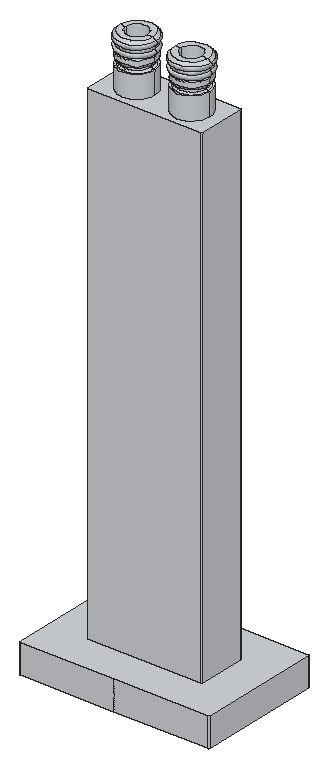
Revit family "Shower-Ceiling_Mount-Showerarm-KOHLER-BEITOU-K-22310T_1", category Plumbing Fixtures, host Face, Revit 2017
Family settings
  Host = Face
  Round Connector Dimension = Use Diameter
  Part Type = Normal
  OmniClass Number = 23.31.17.00
  Cut with Voids When Loaded = No
  Shared = No
  Room Calculation Point = No
Parameters (values of type "CP-Polished Chrome")
  Width = 2 127/128"  # constant formula
  WaterSense Certified = 1 = 0  # no
  Waste Water Outlet = "Waste Water Outlet"  # constant formula
  Waste Connection = 1 = 0  # no
  Vent Connection = 1 = 0  # no
  URL = "http://www.kohler.com.cn/"
  Type = 1
  Tempered Water Inlet = "Tempered Water Inlet"  # constant formula
  Product Page URL = "https://www.kohler.com.cn/product/K-22310T-CP/K-22310T-CP/"
  Product Name = "BEITOU"  # constant formula
  Product Documentation Link = "https://files.kohler.com.cn/pdfs/1567066931603_22310T%20安装说明书.pdf"
  Pressure = 0.00 psi
  Panel Thickness = 0"
  Model = "K-22310T-CP"  # constant formula
  Material = "Premium Metal Construction"  # constant formula
  Master Format 2014 Name = "Residential Showers"  # constant formula
  Master Format 2014 = "22 42 23"  # constant formula
  Manufacturer Address = "Kohler Beijing Office (100016) 36-2-03-B, No. 88, Liuxiang Road, Beijing"  # constant formula
  Manufacturer = "KOHLER Co."  # constant formula
  Length = 1 31/32"  # constant formula
  Hot Water Inlet = "Hot Water Inlet"  # constant formula
  Height = 9 1/64"  # constant formula
  HW Connection = 1 = 1  # yes
  Flow Rate = 0 GPM
  Finish = Kohler-Metal-CP-Polished_Chrome
  Environmental Product Declaration = ""
  Drain Included = 1 = 0  # no
  Description = "Manda ceiling mounted shower arm (multi-function)"  # constant formula
  Default Elevation = 0"
  Declare Label = ""
  Date Modified = "09/23/2020"  # constant formula
  Date Created = "09/23/2020"  # constant formula
  Copyright = "Copyright KOHLER Co."  # constant formula
  Contact Us = "http://www.kohler.com.cn/contact/contact-us/"
  Cold Water Inlet = "Cold Water Inlet"  # constant formula
  CW Connection = 1 = 0  # no
  Assembly Code = "D2010700"
  ADA Compliant = 1 = 0  # no
Reference planes (in)
  plane 1 "Center (Front/Back)": y = 0
  plane 2: z = 0
  plane 3 "Center (Left/Right)": x = 0
  plane 4: y = 0.98425
  plane 5: x = -1.49606
  plane 6: x = 1.49612
  plane 7: y = -0.9845
  plane 8: z = 9.01562
  plane 9: x = -0.43307
  plane 10: x = 0.43307
  plane 11: z = 0.45276
  plane 12: x = -0.90551
  plane 13: z = 8.20866
  plane 14: x = 0.90551
  plane 15: y = 0.3937
  plane 16: y = -0.3937
Dimensions and locks (in)
  "Width": plane 5 to plane 6
  "Height": level to plane 8
  "Length": plane 4 to plane 7
  plane 13 to level = 8.20866"
  aligned and locked: plane 2 to host face
  aligned and locked: level to host face
Automatic sketch dimensions
  host sketch curve to host sketch curve = 96"  (x2)
Nested families (in)
  nested 1: "K-22310T" at (0, 0, 0), type "K-22310T"
Connectors (in)
  piping at (0, 0, 0), diameter 0.5, driven by "HW Connection", driven by "Tempered Water Inlet", driven by "Flow Rate"
    settings: on nested 1, index 1, connector inside diameter 24", connector length 0", flow factor 0, pipe flow 0 GPM, pressure drop 0.00 psi, fitting loss kfactor 0, connector angle 0.00°, fixture units 0, engagement length 0", angle of deflection 0.00°, flow configuration 0, flow direction 1, fitting loss method 0, system type 19, joint type 0, gender type 0, connector reference index -1, connector utility 1, adjustable connector no, is connector primary yes, connector description "Tempered Water Inlet"
Definition of nested family "K-22310T"
  Parameters (values of type "K-22310T")
    Material = none
  Reference planes (in)
    plane 1 "Center (Front/Back)": y = 0
    plane 2: z = 0
    plane 3 "Center (Left/Right)": x = 0
    plane 4: y = 0.98425
    plane 5: x = -1.49606
    plane 6: x = 1.49606
    plane 7: y = -0.98425
    plane 8: z = 9.01575
    plane 9: x = -0.43307
    plane 10: x = 0.43307
  Forms (in)
    Extrusion 1, solid, material <- "Material", detail levels medium+fine
      sketch origin (0, 0, 0) x (1, 0, 0) y (0, 1, 0)
        loop
          line (0, 0.98425) -> (-1.47585, 0.98425)
          arc (-1.47585, 0.98425) -> (-1.49014, 0.97833) -> (-1.49606, 0.96404) r 0.02021
          line (-1.49606, 0.96404) -> (-1.49606, -0.96444)
          arc (-1.49606, -0.96444) -> (-1.49026, -0.97845) -> (-1.47625, -0.98425) r 0.01981
          line (-1.47625, -0.98425) -> (0, -0.98425) -> (1.47625, -0.98425)
          arc (1.47625, -0.98425) -> (1.49026, -0.97845) -> (1.49606, -0.96444) r 0.01981
          line (1.49606, -0.96444) -> (1.49606, 0.96404)
          arc (1.49606, 0.96404) -> (1.49014, 0.97833) -> (1.47585, 0.98425) r 0.02021
          line (1.47585, 0.98425) -> (0, 0.98425)
      from 0 to 0.45276
    Extrusion 2, solid, material <- "Material", detail levels medium+fine
      sketch origin (0, 0, 0) x (1, 0, 0) y (0, 1, 0)
        loop
          line (0.88591, 0.3937) -> (-0.88564, 0.3937)
          arc (-0.88564, 0.3937) -> (-0.89969, 0.38788) -> (-0.90551, 0.37383) r 0.01987
          line (-0.90551, 0.37383) -> (-0.90551, -0.37399)
          arc (-0.90551, -0.37399) -> (-0.89974, -0.38793) -> (-0.8858, -0.3937) r 0.01971
          line (-0.8858, -0.3937) -> (0.88588, -0.3937)
          arc (0.88588, -0.3937) -> (0.89976, -0.38795) -> (0.90551, -0.37407) r 0.01963
          line (0.90551, -0.37407) -> (0.90551, 0.3741)
          arc (0.90551, 0.3741) -> (0.89977, 0.38796) -> (0.88591, 0.3937) r 0.0196
      from 0.45276 to 8.20866
    Revolve 3, solid, material <- "Material", detail levels medium+fine
      sketch origin (0, 0, 0) x (1, 0, 0) y (0, 0, 1)
        loop
          line (-0.43307, 8.20866) -> (-0.14584, 8.20866) -> (-0.14584, 8.55906) -> (-0.18279, 8.55906)
          arc (-0.18279, 8.55906) -> (-0.19941, 8.56594) -> (-0.2063, 8.58256) r 0.0235
          line (-0.2063, 8.58256) -> (-0.2063, 8.62936)
          arc (-0.2063, 8.62936) -> (-0.19911, 8.64324) -> (-0.18364, 8.64539) r 0.017
          arc (-0.18364, 8.64539) -> (-0.16441, 8.64806) -> (-0.15549, 8.6653) r 0.02112
          line (-0.15549, 8.6653) -> (-0.15549, 8.74775)
          arc (-0.15549, 8.74775) -> (-0.16248, 8.76147) -> (-0.1777, 8.76386) r 0.01695
          arc (-0.1777, 8.76386) -> (-0.19511, 8.76598) -> (-0.20468, 8.78068) r 0.02075
          line (-0.20468, 8.78068) -> (-0.16549, 8.78068)
          arc (-0.16549, 8.78068) -> (-0.13032, 8.81376) -> (-0.16118, 8.85089) r 0.03524
          arc (-0.16118, 8.85089) -> (-0.15413, 8.87109) -> (-0.16458, 8.88977) r 0.02607
          line (-0.16458, 8.88977) -> (-0.19534, 8.88977)
          arc (-0.19534, 8.88977) -> (-0.20406, 8.90074) -> (-0.19141, 8.90677) r 0.00895
          line (-0.19141, 8.90677) -> (-0.16034, 8.90677)
          arc (-0.16034, 8.90677) -> (-0.12437, 8.9308) -> (-0.13281, 8.97322) r 0.03893
          line (-0.13281, 8.97322) -> (-0.17533, 9.01575) -> (-0.43307, 9.01575) -> (-0.43307, 8.20866)
        axis (-0.43307, 8.20866) -> (-0.43307, 9.01575)
      angle from 0 to 360
    Revolve 4, solid, material <- "Material", detail levels medium+fine
      sketch origin (0, 0, 0) x (-1, 0, 0) y (0, 0, 1)
        loop
          line (-0.43307, 9.01575) -> (-0.43307, 8.20866) -> (-0.14584, 8.20866) -> (-0.14584, 8.55906) -> (-0.18279, 8.55906)
          arc (-0.18279, 8.55906) -> (-0.19941, 8.56594) -> (-0.2063, 8.58256) r 0.0235
          line (-0.2063, 8.58256) -> (-0.2063, 8.62936)
          arc (-0.2063, 8.62936) -> (-0.19911, 8.64324) -> (-0.18364, 8.64539) r 0.017
          arc (-0.18364, 8.64539) -> (-0.16441, 8.64806) -> (-0.15549, 8.6653) r 0.02112
          line (-0.15549, 8.6653) -> (-0.15549, 8.74775)
          arc (-0.15549, 8.74775) -> (-0.16248, 8.76147) -> (-0.1777, 8.76386) r 0.01695
          arc (-0.1777, 8.76386) -> (-0.19511, 8.76598) -> (-0.20468, 8.78068) r 0.02075
          line (-0.20468, 8.78068) -> (-0.16549, 8.78068)
          arc (-0.16549, 8.78068) -> (-0.13032, 8.81376) -> (-0.16118, 8.85089) r 0.03524
          arc (-0.16118, 8.85089) -> (-0.15413, 8.87109) -> (-0.16458, 8.88977) r 0.02607
          line (-0.16458, 8.88977) -> (-0.19534, 8.88977)
          arc (-0.19534, 8.88977) -> (-0.20406, 8.90074) -> (-0.19141, 8.90677) r 0.00895
          line (-0.19141, 8.90677) -> (-0.16034, 8.90677)
          arc (-0.16034, 8.90677) -> (-0.12437, 8.9308) -> (-0.13281, 8.97322) r 0.03893
          line (-0.13281, 8.97322) -> (-0.17533, 9.01575) -> (-0.43307, 9.01575)
        axis (-0.43307, 8.20866) -> (-0.43307, 9.01575)
      angle from 0 to 360
    Extrusion 5, void
      sketch origin (0, 0, 0) x (-1, 0, 0) y (0, -1, 0)
        loop
          circle (-0.43307, 0) r 0.16668
        loop
          circle (0.43307, 0) r 0.16668
      from 8.05118 to 9.84252
    Extrusion 6, solid, material <- "Material", detail levels coarse
      sketch origin (0, 0, 0) x (1, 0, 0) y (0, 0, 1)
        loop
          line (0, 0) -> (1.49606, 0) -> (1.49606, 0.53472) -> (-1.49606, 0.53472) -> (-1.49606, 0) -> (0, 0)
      from -0.98425 to 0.98425
    Extrusion 7, solid, material <- "Material", detail levels coarse
      sketch origin (0, 0, 0) x (1, 0, 0) y (0, 0, 1)
        loop
          line (0, 0.53472) -> (1.11339, 0.53472) -> (1.11339, 8.31349) -> (-1.12326, 8.31349) -> (-1.12326, 0.53472) -> (0, 0.53472)
      from -0.54513 to 0.60729
    Revolve 8, solid, material <- "Material", detail levels coarse
      sketch origin (0, 0, 0) x (1, 0, 0) y (0, 0, 1)
        loop
          line (0.43307, 8.20866) -> (0.81291, 8.20866) -> (0.81291, 9.08439) -> (0.43307, 9.08439) -> (0.43307, 8.20866)
        axis (0.43307, 8.20866) -> (0.43307, 9.08439)
      angle from 0 to 360
    Revolve 9, solid, material <- "Material", detail levels coarse
      sketch origin (0, 0, 0) x (1, 0, 0) y (0, 0, 1)
        loop
          line (-0.43307, 8.20866) -> (-0.09064, 8.20866) -> (-0.09064, 9.07043) -> (-0.43307, 9.07043) -> (-0.43307, 8.20866)
        axis (-0.43307, 8.20866) -> (-0.43307, 9.07043)
      angle from 0 to 360
    Extrusion 10, solid, material <- "Material", detail levels medium+fine
      sketch origin (0, 0, 0) x (1, 0, 0) y (0, 1, 0)
        loop
          circle (0, 0) r 0.11796
      from 0 to 0.07693
  Cuts and joins
    Extrusion 5 cuts Extrusion 2
    Extrusion 5 cuts Revolve 3
    Extrusion 5 cuts Revolve 4
    joined: Extrusion 1, Extrusion 2, Revolve 3, Revolve 4
    joined: Extrusion 6, Extrusion 7, Revolve 8, Revolve 9
  Lines and regions (in)
    Masking region 1
      outline origin (0, 0, 0) x (1, 0, 0) y (0, 1, 0)
        loop
          line (0, 0.98425) -> (-1.47585, 0.98425)
          arc (-1.47585, 0.98425) -> (-1.49014, 0.97833) -> (-1.49606, 0.96404) r 0.02021
          line (-1.49606, 0.96404) -> (-1.49606, -0.96444)
          arc (-1.49606, -0.96444) -> (-1.49026, -0.97845) -> (-1.47625, -0.98425) r 0.01981
          line (-1.47625, -0.98425) -> (0, -0.98425) -> (1.47625, -0.98425)
          arc (1.47625, -0.98425) -> (1.49026, -0.97845) -> (1.49606, -0.96444) r 0.01981
          line (1.49606, -0.96444) -> (1.49606, 0.96404)
          arc (1.49606, 0.96404) -> (1.49014, 0.97833) -> (1.47585, 0.98425) r 0.02021
          line (1.47585, 0.98425) -> (0, 0.98425)
    Masking region 2
      outline origin (0, 0, 0) x (1, 0, 0) y (0, 0, 1)
        loop
          line (0, 0) -> (1.49606, 0) -> (1.49606, 0.45276) -> (0.90551, 0.45276) -> (0.90551, 8.20866) -> (0.7203, 8.20866) -> (0.7203, 8.55906) -> (0.68335, 8.55906)
          arc (0.68335, 8.55906) -> (0.66673, 8.56594) -> (0.65984, 8.58256) r 0.0235
          line (0.65984, 8.58256) -> (0.65984, 8.62936)
          arc (0.65984, 8.62936) -> (0.66703, 8.64324) -> (0.6825, 8.64539) r 0.017
          arc (0.6825, 8.64539) -> (0.70173, 8.64806) -> (0.71066, 8.6653) r 0.02112
          line (0.71066, 8.6653) -> (0.71066, 8.74775)
          arc (0.71066, 8.74775) -> (0.70366, 8.76147) -> (0.68844, 8.76386) r 0.01695
          arc (0.68844, 8.76386) -> (0.67103, 8.76598) -> (0.66146, 8.78068) r 0.02075
          line (0.66146, 8.78068) -> (0.70065, 8.78068)
          arc (0.70065, 8.78068) -> (0.73582, 8.81376) -> (0.70497, 8.85089) r 0.03524
          arc (0.70497, 8.85089) -> (0.71201, 8.87109) -> (0.70157, 8.88977) r 0.02607
          line (0.70157, 8.88977) -> (0.6708, 8.88977)
          arc (0.6708, 8.88977) -> (0.66208, 8.90074) -> (0.67473, 8.90677) r 0.00895
          line (0.67473, 8.90677) -> (0.70581, 8.90677)
          arc (0.70581, 8.90677) -> (0.74177, 8.9308) -> (0.73333, 8.97322) r 0.03893
          line (0.73333, 8.97322) -> (0.69081, 9.01575) -> (0.17533, 9.01575) -> (0.13281, 8.97322)
          arc (0.13281, 8.97322) -> (0.12437, 8.9308) -> (0.16034, 8.90677) r 0.03893
          line (0.16034, 8.90677) -> (0.19141, 8.90677)
          arc (0.19141, 8.90677) -> (0.20406, 8.90074) -> (0.19534, 8.88977) r 0.00895
          line (0.19534, 8.88977) -> (0.16458, 8.88977)
          arc (0.16458, 8.88977) -> (0.15413, 8.87109) -> (0.16118, 8.85089) r 0.02607
          arc (0.16118, 8.85089) -> (0.13032, 8.81376) -> (0.16549, 8.78068) r 0.03524
          line (0.16549, 8.78068) -> (0.20468, 8.78068)
          arc (0.20468, 8.78068) -> (0.19511, 8.76598) -> (0.1777, 8.76386) r 0.02075
          arc (0.1777, 8.76386) -> (0.16248, 8.76147) -> (0.15549, 8.74775) r 0.01695
          line (0.15549, 8.74775) -> (0.15549, 8.6653)
          arc (0.15549, 8.6653) -> (0.16441, 8.64806) -> (0.18364, 8.64539) r 0.02112
          arc (0.18364, 8.64539) -> (0.19911, 8.64324) -> (0.2063, 8.62936) r 0.017
          line (0.2063, 8.62936) -> (0.2063, 8.58256)
          arc (0.2063, 8.58256) -> (0.19941, 8.56594) -> (0.18279, 8.55906) r 0.0235
          line (0.18279, 8.55906) -> (0.14584, 8.55906) -> (0.14584, 8.20866) -> (-0.14584, 8.20866) -> (-0.14584, 8.55906) -> (-0.18279, 8.55906)
          arc (-0.18279, 8.55906) -> (-0.19941, 8.56594) -> (-0.2063, 8.58256) r 0.0235
          line (-0.2063, 8.58256) -> (-0.2063, 8.62936)
          arc (-0.2063, 8.62936) -> (-0.19911, 8.64324) -> (-0.18364, 8.64539) r 0.017
          arc (-0.18364, 8.64539) -> (-0.16441, 8.64806) -> (-0.15549, 8.6653) r 0.02112
          line (-0.15549, 8.6653) -> (-0.15549, 8.74775)
          arc (-0.15549, 8.74775) -> (-0.16248, 8.76147) -> (-0.1777, 8.76386) r 0.01695
          arc (-0.1777, 8.76386) -> (-0.19511, 8.76598) -> (-0.20468, 8.78068) r 0.02075
          line (-0.20468, 8.78068) -> (-0.16549, 8.78068)
          arc (-0.16549, 8.78068) -> (-0.13032, 8.81376) -> (-0.16118, 8.85089) r 0.03524
          arc (-0.16118, 8.85089) -> (-0.15413, 8.87109) -> (-0.16458, 8.88977) r 0.02607
          line (-0.16458, 8.88977) -> (-0.19534, 8.88977)
          arc (-0.19534, 8.88977) -> (-0.20406, 8.90074) -> (-0.19141, 8.90677) r 0.00895
          line (-0.19141, 8.90677) -> (-0.16034, 8.90677)
          arc (-0.16034, 8.90677) -> (-0.12437, 8.9308) -> (-0.13281, 8.97322) r 0.03893
          line (-0.13281, 8.97322) -> (-0.17533, 9.01575) -> (-0.69081, 9.01575) -> (-0.73333, 8.97322)
          arc (-0.73333, 8.97322) -> (-0.74177, 8.9308) -> (-0.70581, 8.90677) r 0.03893
          line (-0.70581, 8.90677) -> (-0.67473, 8.90677)
          arc (-0.67473, 8.90677) -> (-0.66208, 8.90074) -> (-0.6708, 8.88977) r 0.00895
          line (-0.6708, 8.88977) -> (-0.70157, 8.88977)
          arc (-0.70157, 8.88977) -> (-0.71201, 8.87109) -> (-0.70497, 8.85089) r 0.02607
          arc (-0.70497, 8.85089) -> (-0.73582, 8.81376) -> (-0.70065, 8.78068) r 0.03524
          line (-0.70065, 8.78068) -> (-0.66146, 8.78068)
          arc (-0.66146, 8.78068) -> (-0.67103, 8.76598) -> (-0.68844, 8.76386) r 0.02075
          arc (-0.68844, 8.76386) -> (-0.70366, 8.76147) -> (-0.71066, 8.74775) r 0.01695
          line (-0.71066, 8.74775) -> (-0.71066, 8.6653)
          arc (-0.71066, 8.6653) -> (-0.70173, 8.64806) -> (-0.6825, 8.64539) r 0.02112
          arc (-0.6825, 8.64539) -> (-0.66703, 8.64324) -> (-0.65984, 8.62936) r 0.017
          line (-0.65984, 8.62936) -> (-0.65984, 8.58256)
          arc (-0.65984, 8.58256) -> (-0.66673, 8.56594) -> (-0.68335, 8.55906) r 0.0235
          line (-0.68335, 8.55906) -> (-0.7203, 8.55906) -> (-0.7203, 8.20866) -> (-0.90551, 8.20866) -> (-0.90551, 0.45276) -> (-1.49606, 0.45276) -> (-1.49606, 0) -> (0, 0)
    Masking region 3
      outline origin (0, 0, 0) x (0, 1, 0) y (0, 0, 1)
        loop
          line (-0.0002, 0) -> (0.98425, 0) -> (0.98425, 0.45276) -> (0.3937, 0.45276) -> (0.3937, 8.20866) -> (0.28717, 8.20866) -> (0.28717, 8.55906) -> (0.25079, 8.55906)
          arc (0.25079, 8.55906) -> (0.23447, 8.56542) -> (0.22677, 8.58114) r 0.0241
          line (0.22677, 8.58114) -> (0.22677, 8.62749)
          arc (0.22677, 8.62749) -> (0.23802, 8.64053) -> (0.25495, 8.64364) r 0.02593
          arc (0.25495, 8.64364) -> (0.27238, 8.64826) -> (0.2776, 8.66552) r 0.0185
          line (0.2776, 8.66552) -> (0.2776, 8.74972)
          arc (0.2776, 8.74972) -> (0.27069, 8.76342) -> (0.25556, 8.76601) r 0.01704
          arc (0.25556, 8.76601) -> (0.239, 8.76768) -> (0.2286, 8.78068) r 0.02148
          line (0.2286, 8.78068) -> (0.26812, 8.78068)
          arc (0.26812, 8.78068) -> (0.30327, 8.814) -> (0.2719, 8.85089) r 0.03521
          arc (0.2719, 8.85089) -> (0.27927, 8.87096) -> (0.26876, 8.88957) r 0.02548
          line (0.26876, 8.88957) -> (0.23775, 8.88957)
          arc (0.23775, 8.88957) -> (0.22918, 8.90046) -> (0.24176, 8.90624) r 0.00882
          line (0.24176, 8.90624) -> (0.2791, 8.90624)
          arc (0.2791, 8.90624) -> (0.3057, 8.92936) -> (0.30007, 8.96416) r 0.03625
          arc (0.30007, 8.96416) -> (0.29224, 8.97932) -> (0.28112, 8.99226) r 0.07339
          arc (0.28112, 8.99226) -> (0.26953, 9.00416) -> (0.25763, 9.01575) r 0.61993
          line (0.25763, 9.01575) -> (-0.25763, 9.01575)
          arc (-0.25763, 9.01575) -> (-0.26953, 9.00416) -> (-0.28112, 8.99226) r 0.61993
          arc (-0.28112, 8.99226) -> (-0.29224, 8.97932) -> (-0.30007, 8.96416) r 0.07339
          arc (-0.30007, 8.96416) -> (-0.3057, 8.92936) -> (-0.2791, 8.90624) r 0.03625
          line (-0.2791, 8.90624) -> (-0.24176, 8.90624)
          arc (-0.24176, 8.90624) -> (-0.22918, 8.90046) -> (-0.23775, 8.88957) r 0.00882
          line (-0.23775, 8.88957) -> (-0.26876, 8.88957)
          arc (-0.26876, 8.88957) -> (-0.27927, 8.87096) -> (-0.2719, 8.85089) r 0.02548
          arc (-0.2719, 8.85089) -> (-0.30327, 8.814) -> (-0.26812, 8.78068) r 0.03521
          line (-0.26812, 8.78068) -> (-0.2286, 8.78068)
          arc (-0.2286, 8.78068) -> (-0.239, 8.76768) -> (-0.25556, 8.76601) r 0.02148
          arc (-0.25556, 8.76601) -> (-0.27069, 8.76342) -> (-0.2776, 8.74972) r 0.01704
          line (-0.2776, 8.74972) -> (-0.2776, 8.66552)
          arc (-0.2776, 8.66552) -> (-0.27238, 8.64826) -> (-0.25495, 8.64364) r 0.0185
          arc (-0.25495, 8.64364) -> (-0.23802, 8.64053) -> (-0.22677, 8.62749) r 0.02593
          line (-0.22677, 8.62749) -> (-0.22677, 8.58114)
          arc (-0.22677, 8.58114) -> (-0.23447, 8.56542) -> (-0.25079, 8.55906) r 0.0241
          line (-0.25079, 8.55906) -> (-0.28717, 8.55906) -> (-0.28717, 8.20866) -> (-0.3937, 8.20866) -> (-0.3937, 0.45276) -> (-0.98425, 0.45276) -> (-0.98425, 0) -> (-0.0002, 0)
    symbolic lines, detail levels medium+fine
      curve 1: line (0.88729, 0.3937, 0) -> (-0.88683, 0.3937, 0)
      curve 2: line (-0.88679, -0.3937, 0) -> (0.88686, -0.3937, 0)
      curve 3: line (-0.90551, 0.37502, 0) -> (-0.90551, -0.37498, 0)
      curve 4: line (0.90551, -0.37505, 0) -> (0.90551, 0.37548, 0)
      curve 5: arc (-0.88683, 0.3937, 0) -> (-0.90004, 0.38823, 0) -> (-0.90551, 0.37502, 0) r 0.01868
      curve 6: arc (-0.90551, -0.37498, 0) -> (-0.90003, -0.38822, 0) -> (-0.88679, -0.3937, 0) r 0.01872
      curve 7: arc (0.88686, -0.3937, 0) -> (0.90005, -0.38824, 0) -> (0.90551, -0.37505, 0) r 0.01865
      curve 8: arc (0.90551, 0.37548, 0) -> (0.90017, 0.38836, 0) -> (0.88729, 0.3937, 0) r 0.01822
      curve 9: arc (-0.26639, 0, 0) -> (-0.43307, 0.16668, 0) -> (-0.59975, 0, 0) r 0.16668
      curve 10: arc (-0.59975, 0, 0) -> (-0.43307, -0.16668, 0) -> (-0.26639, 0, 0) r 0.16668
      curve 11: arc (-0.2063, 0, 0) -> (-0.43307, 0.22677, 0) -> (-0.65984, 0, 0) r 0.22677
      curve 12: arc (-0.65984, 0, 0) -> (-0.43307, -0.22677, 0) -> (-0.2063, 0, 0) r 0.22677
      curve 13: arc (-0.67473, 0, 0) -> (-0.43307, 0.24166, 0) -> (-0.19141, 0, 0) r 0.24166
      curve 14: arc (-0.19141, 0, 0) -> (-0.43307, -0.24166, 0) -> (-0.67473, 0, 0) r 0.24166
      curve 15: arc (-0.7203, 0, 0) -> (-0.43307, -0.28723, 0) -> (-0.14584, 0, 0) r 0.28723
      curve 16: arc (-0.14584, 0, 0) -> (-0.43307, 0.28723, 0) -> (-0.7203, 0, 0) r 0.28723
      curve 17: arc (-0.133, 0, 0) -> (-0.43307, -0.30007, 0) -> (-0.73314, 0, 0) r 0.30007
      curve 18: arc (-0.73314, 0, 0) -> (-0.43307, 0.30007, 0) -> (-0.133, 0, 0) r 0.30007
      curve 19: arc (-0.70497, 0, 0) -> (-0.43307, 0.2719, 0) -> (-0.16118, 0, 0) r 0.2719
      curve 20: arc (-0.16118, 0, 0) -> (-0.43307, -0.2719, 0) -> (-0.70497, 0, 0) r 0.2719
      curve 21: line (0.90551, 0, 0.45276) -> (-0.90551, 0, 0.45276)
      curve 22: line (0.7203, 0, 8.20866) -> (-0.7203, 0, 8.20866)
      curve 23: line (-0.18279, 0, 8.55906) -> (-0.68335, 0, 8.55906)
      curve 24: line (-0.65984, 0, 8.58114) -> (-0.2063, 0, 8.58114)
      curve 25: line (-0.70951, 0, 8.65844) -> (-0.15663, 0, 8.65844)
      curve 26: line (-0.20468, 0, 8.78068) -> (-0.66146, 0, 8.78068)
      curve 27: line (-0.70497, 0, 8.85089) -> (-0.16118, 0, 8.85089)
      curve 28: line (-0.19534, 0, 8.88977) -> (-0.6708, 0, 8.88977)
      curve 29: line (-0.19927, 0, 8.90677) -> (-0.66687, 0, 8.90677)
      curve 30: line (-0.74008, 0, 8.96416) -> (-0.12606, 0, 8.96416)
      curve 31: line (-0.71066, 0, 8.74359) -> (-0.15549, 0, 8.74359)
      curve 32: line (0, 0.3937, 0.45276) -> (0, -0.3937, 0.45276)
      curve 33: line (0, 0.28723, 8.20866) -> (0, -0.28723, 8.20866)
      curve 34: line (0, 0.25079, 8.55906) -> (0, 0, 8.55906)
      curve 35: line (0, 0, 8.55906) -> (0, -0.25079, 8.55906)
      curve 36: line (0, 0.2286, 8.78068) -> (0, 0, 8.78068)
      curve 37: line (0, 0, 8.78068) -> (0, -0.2286, 8.78068)
      curve 38: line (0, 0.235, 8.90677) -> (0, 0, 8.90677)
      curve 39: line (0, 0, 8.90677) -> (0, -0.235, 8.90677)
      curve 40: line (0, 0.30007, 8.96416) -> (0, -0.30007, 8.96416)
      curve 41: line (0, 0.23775, 8.88957) -> (0, -0.23775, 8.88957)
      curve 42: line (0, 0.2719, 8.85089) -> (0, -0.2719, 8.85089)
      curve 43: line (0, 0.24314, 8.76596) -> (0, -0.24314, 8.76596)
      curve 44: line (0, 0.25495, 8.64364) -> (0, -0.25495, 8.64364)
      curve 45: line (0, 0.22677, 8.62749) -> (0, -0.22677, 8.62749)
      curve 46: line (0, 0.22677, 8.58114) -> (0, -0.22677, 8.58114)
      curve 47: arc (0.26639, 0, 0) -> (0.43307, 0.16668, 0) -> (0.59975, 0, 0) r 0.16668
      curve 48: arc (0.59975, 0, 0) -> (0.43307, -0.16668, 0) -> (0.26639, 0, 0) r 0.16668
      curve 49: arc (0.2063, 0, 0) -> (0.43307, 0.22677, 0) -> (0.65984, 0, 0) r 0.22677
      curve 50: arc (0.65984, 0, 0) -> (0.43307, -0.22677, 0) -> (0.2063, 0, 0) r 0.22677
      curve 51: arc (0.67473, 0, 0) -> (0.43307, 0.24166, 0) -> (0.19141, 0, 0) r 0.24166
      curve 52: arc (0.19141, 0, 0) -> (0.43307, -0.24166, 0) -> (0.67473, 0, 0) r 0.24166
      curve 53: arc (0.7203, 0, 0) -> (0.43307, -0.28723, 0) -> (0.14584, 0, 0) r 0.28723
      curve 54: arc (0.14584, 0, 0) -> (0.43307, 0.28723, 0) -> (0.7203, 0, 0) r 0.28723
      curve 55: arc (0.133, 0, 0) -> (0.43307, -0.30007, 0) -> (0.73314, 0, 0) r 0.30007
      curve 56: arc (0.73314, 0, 0) -> (0.43307, 0.30007, 0) -> (0.133, 0, 0) r 0.30007
      curve 57: arc (0.70497, 0, 0) -> (0.43307, 0.2719, 0) -> (0.16118, 0, 0) r 0.2719
      curve 58: arc (0.16118, 0, 0) -> (0.43307, -0.2719, 0) -> (0.70497, 0, 0) r 0.2719
      curve 59: line (-0.67465, 0, 8.76419) -> (-0.19149, 0, 8.76419)
      curve 60: line (-0.66984, 0, 8.64485) -> (-0.19631, 0, 8.64485)
      curve 61: line (0.18279, 0, 8.55906) -> (0.68335, 0, 8.55906)
      curve 62: line (0.65984, 0, 8.58114) -> (0.2063, 0, 8.58114)
      curve 63: line (0.70951, 0, 8.65844) -> (0.15663, 0, 8.65844)
      curve 64: line (0.20468, 0, 8.78068) -> (0.66146, 0, 8.78068)
      curve 65: line (0.70497, 0, 8.85089) -> (0.16118, 0, 8.85089)
      curve 66: line (0.19534, 0, 8.88977) -> (0.6708, 0, 8.88977)
      curve 67: line (0.19927, 0, 8.90677) -> (0.66687, 0, 8.90677)
      curve 68: line (0.74008, 0, 8.96416) -> (0.12606, 0, 8.96416)
      curve 69: line (0.71066, 0, 8.74359) -> (0.15549, 0, 8.74359)
      curve 70: line (0.67465, 0, 8.76419) -> (0.19149, 0, 8.76419)
      curve 71: line (0.66984, 0, 8.64485) -> (0.19631, 0, 8.64485)
      curve 72: line (0, 0.2776, 8.74972) -> (0, -0.2776, 8.74972)
      curve 73: line (0, 0.2776, 8.66552) -> (0, -0.2776, 8.66552)
  Dimensions and locks (in)
    plane 5 to plane 6 = 2.99213"
    plane 7 to plane 4 = 1.9685"
    aligned and locked: level to plane 2
